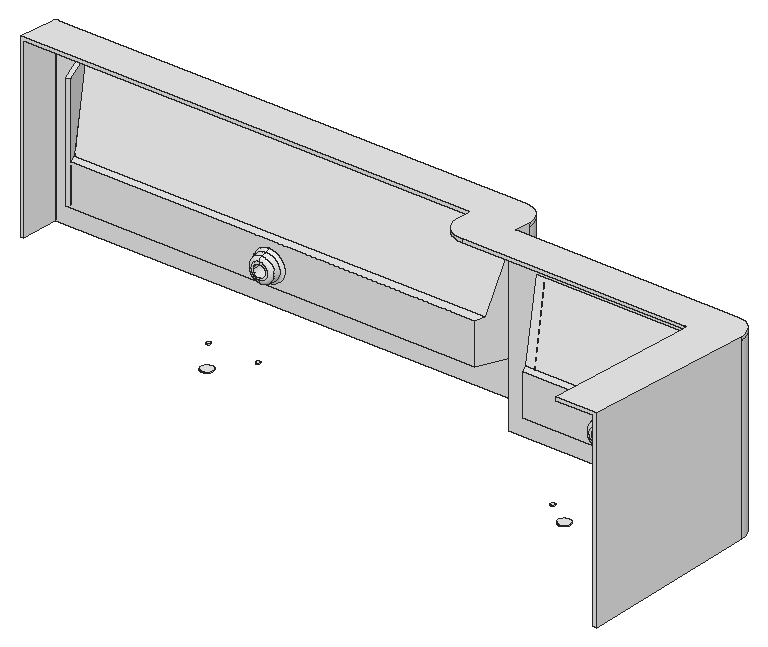
Revit family "Plumbing-Sink-Sloan-Valve-ELWF-83000", category Plumbing Fixtures, host Face, Revit 2019
Family settings
  Host = Face
  Round Connector Dimension = Use Diameter
  Part Type = Normal
  OmniClass Number = 23.45.05.14.14
  OmniClass Title = Sinks/Lavatories
  Cut with Voids When Loaded = No
  Shared = No
  Room Calculation Point = No
Parameters (values of type "ELWF-83000")
  Width = 90.00"  # constant formula
  Water Flow = 0.0 GPM
  Waste Connection = yes
  WFU = 2
  Vent Connection = no
  Valve Pressure Drop = 0.0 Pa
  URL = "www.sloanvalve.com"
  Sanitary Drain Connection Diameter = 1.50"
  Product data url = "https://bimobject.com/sloan_valve/product/sinks_sloanstone_elwf-83000"
  Product Material = Sloan - SloanStone - White (WH)
  Product Guid = ""
  Part Number = ""
  Model = "ELWF-83000"
  Manufacturer = "Sloan Valve"  # constant formula
  Keynote = "10000"
  Hot Water Connection Diameter = 0.50"
  Height = 29.69"  # constant formula
  HWFU = 1.5
  HW Connection = yes
  z_Elevation [instance] = 20.00"  # constant formula
  Edition number = 1
  Description = "SloanStone® 3-Station Wall-Mounted Waterfall Sink."
  Depth = 22.00"  # constant formula
  Default Elevation = 0.00"  # constant formula
  Cold Water Connection Diameter = 0.50"
  CWFU = 1.5
  CW Connection = yes
  Assembly Code = "D2010400"
  ADA Compliant = 1 = 1  # yes
Reference planes
  plane 1 "Center (Front/Back)": y = 0
  plane 2: z = 0
  plane 3 "Center (Left/Right)": x = 0
  plane 4: y = -355.6
  plane 5: y = -863.6
  plane 6: z = 53.975
  plane 7: x = 371.475
  plane 8: x = -390.128
  plane 9: z = 53.975
  plane 10: x = -1152.24
  plane 11: z = 53.975
  plane 12: x = -1530.495
  plane 13: x = 755.505
  plane 14: z = 598.536
Forms (mm)
  Extrusion 1, solid, not visible
    sketch origin (0, 0, 0) x (1, 0, 0) y (0, 1, 0)
      loop
        circle (-771.525, -355.6) r 19.05
      loop
        circle (-695.325, -254) r 6.35
      loop
        circle (-847.725, -254) r 6.35
      loop
        circle (371.475, -406.4) r 19.05
      loop
        circle (295.275, -355.6) r 6.35
      loop
        circle (447.675, -355.6) r 6.35
    from 0 to 12.947
Dimensions and locks
  plane 4 to plane 1 "Center (Front/Back)" = 14.00"
  "z_Elevation": plane 4 to plane 5
  aligned and locked: plane 2 to host face
  aligned and locked: level to host face
Automatic sketch dimensions
  host sketch curve to host sketch curve = 113.86376"
  host sketch curve to host sketch curve = 96.00"
  Extrusion 1 sketch curve to plane 4 = 0.00"  (x2)
  plane 4 to Extrusion 1 sketch curve = 4.00"
  Extrusion 1 sketch curve to Extrusion 1 sketch curve = 0.00"  (x3)
  Extrusion 1 sketch curve to plane 3 "Center (Left/Right)" = 30.375"
  Extrusion 1 sketch curve to plane 3 "Center (Left/Right)" = 33.375"
  Extrusion 1 sketch curve to plane 3 "Center (Left/Right)" = 27.375"
  Extrusion 1 sketch curve to plane 7 = 0.00"
  Extrusion 1 sketch curve to plane 4 = 2.00"
  Extrusion 1 sketch curve to Extrusion 1 sketch curve = 0.75"
  Extrusion 1 sketch curve to plane 7 = 3.00"
  Extrusion 1 sketch curve to Extrusion 1 sketch curve = 0.25"  (x2)
  plane 4 to Extrusion 1 sketch curve = 0.00"
  plane 7 to Extrusion 1 sketch curve = 3.00"
  radius of Extrusion 1 sketch curve = 0.75"
  radius of Extrusion 1 sketch curve = 0.25"  (x2)
Nested families
  nested 1: "Geometry" at (-9.525, -762, 282.579) x (1, 0, 0) z (0, 1, 0), type "Geometry"
Connectors
  piping at (-771.525, -355.6, 0), diameter 38.1, driven by "WFU", driven by "Sanitary Drain Connection Diameter"
    settings: on Extrusion 1, index 2, connector inside diameter 24.00", connector length 0.00", flow factor 0, pipe flow 0.0 GPM, pressure drop 0.0 Pa, fitting loss kfactor 0, connector angle 0.00°, fixture units 2, engagement length 0.00", angle of deflection 0.00°, flow configuration 3, flow direction 2, fitting loss method 0, system type 16, joint type 0, gender type 0, connector reference index -1, connector utility 0, adjustable connector no, is connector primary yes, connector description "Sanitary Drain Connection 1"
  piping at (-695.325, -254, 0), diameter 12.7, driven by "Cold Water Connection Diameter", driven by "Valve Pressure Drop"
    settings: on Extrusion 1, index 3, connector inside diameter 24.00", connector length 0.00", flow factor 0, pipe flow 0.0 GPM, pressure drop 0.0 Pa, fitting loss kfactor 0, connector angle 0.00°, fixture units 1.5, engagement length 0.00", angle of deflection 0.00°, flow configuration 3, flow direction 1, fitting loss method 0, system type 20, joint type 0, gender type 0, connector reference index -1, connector utility 0, adjustable connector no, is connector primary no, connector description "Cold Water Connection 1"
  piping at (-847.725, -254, 0), diameter 12.7, driven by "Valve Pressure Drop", driven by "Hot Water Connection Diameter"
    settings: on Extrusion 1, index 4, connector inside diameter 24.00", connector length 0.00", flow factor 0, pipe flow 0.0 GPM, pressure drop 0.0 Pa, fitting loss kfactor 0, connector angle 0.00°, fixture units 1.5, engagement length 0.00", angle of deflection 0.00°, flow configuration 3, flow direction 1, fitting loss method 0, system type 19, joint type 0, gender type 0, connector reference index -1, connector utility 0, adjustable connector no, is connector primary no, connector description "Hot Water Connection 1"
  piping at (295.275, -355.6, 0), diameter 12.7, driven by "Hot Water Connection Diameter", driven by "Valve Pressure Drop"
    settings: on Extrusion 1, index 5, connector inside diameter 24.00", connector length 0.00", flow factor 0, pipe flow 0.0 GPM, pressure drop 0.0 Pa, fitting loss kfactor 0, connector angle 0.00°, fixture units 1.5, engagement length 0.00", angle of deflection 0.00°, flow configuration 3, flow direction 1, fitting loss method 0, system type 19, joint type 0, gender type 0, connector reference index -1, connector utility 0, adjustable connector no, is connector primary no, connector description "Hot Water Connection 2"
  piping at (447.675, -355.6, 0), diameter 12.7, driven by "Cold Water Connection Diameter", driven by "Valve Pressure Drop"
    settings: on Extrusion 1, index 6, connector inside diameter 24.00", connector length 0.00", flow factor 0, pipe flow 0.0 GPM, pressure drop 0.0 Pa, fitting loss kfactor 0, connector angle 0.00°, fixture units 1.5, engagement length 0.00", angle of deflection 0.00°, flow configuration 3, flow direction 1, fitting loss method 0, system type 20, joint type 0, gender type 0, connector reference index -1, connector utility 0, adjustable connector no, is connector primary no, connector description "Cold Water Connection 2"
  piping at (371.475, -406.4, 0), diameter 38.1, driven by "Sanitary Drain Connection Diameter", driven by "WFU"
    settings: on Extrusion 1, index 7, connector inside diameter 24.00", connector length 0.00", flow factor 0, pipe flow 0.0 GPM, pressure drop 0.0 Pa, fitting loss kfactor 0, connector angle 0.00°, fixture units 2, engagement length 0.00", angle of deflection 0.00°, flow configuration 3, flow direction 2, fitting loss method 0, system type 16, joint type 0, gender type 0, connector reference index -1, connector utility 0, adjustable connector no, is connector primary no, connector description "Sanitary Drain Connection 2"
Definition of nested family "Geometry"
  Parameters (values of type "Geometry")
    URL = ""
    Model = ""
    Manufacturer = ""
    Product Material = none
    Description = ""
    Default Elevation = 0.00"
    Assembly Code = ""
  Reference planes
    plane 1 "Center (Front/Back)": y = 3.179
    plane 2: z = 0
    plane 3 "Center (Left/Right)": x = 0
    plane 4: x = 765.03
    plane 5: y = -276.221
    plane 6: y = 282.579
    plane 7: y = -315.957
    plane 8: x = 638.03
    plane 9: z = 635
    plane 10: x = -1520.97
    plane 11: x = -98.425
    plane 12: x = -1419.37
    plane 13: x = 101.6
    plane 14: x = 660.4
    plane 15: y = 228.604
    plane 16: x = -762
    plane 17: x = 381
    plane 18: y = 101.388
    plane 19: x = -380.603
    plane 20: x = -1142.715
    plane 21: x = -1904.593
    plane 22: x = -1663.415
    plane 23: x = 330.2
    plane 24: x = 431.8
    plane 25: x = -329.803
    plane 26: x = -431.403
    plane 27: x = -1193.515
    plane 28: x = -1091.915
    plane 29: x = -1853.793
    plane 30: x = -1955.393
    plane 31: z = 381
    plane 32: z = 330.2
    plane 33: z = 762
    plane 34: x = -73.025
    plane 35: x = -1444.77
    plane 36: y = 281.785
    plane 37: z = -101.6
  Forms (mm)
    Sweep 1, solid, material <- "Product Material"
      path origin (0, 3.179, 0) x (1, 0, 0) y (0, 0, 1)
        loop
          line (765.03, 0) -> (765.03, 558.8)
          arc (765.03, 558.8) -> (742.711, 612.682) -> (688.83, 635) r 76.2
          line (688.83, 635) -> (9.525, 635) -> (9.525, 685.8)
          arc (9.525, 685.8) -> (-12.793, 739.682) -> (-66.675, 762) r 76.2
          line (-66.675, 762) -> (-1501.461, 762)
      profile origin (765.03, 3.179, 279.4) x (-1, 0, 0) y (0, -1, 0)
        loop
          line (12.7, -279.4) -> (12.7, 314.239) -> (0, 314.239) -> (0, -279.4) -> (12.7, -279.4)
    Extrusion 2, solid, material <- "Product Material"
      sketch origin (0, 3.179, 0) x (1, 0, 0) y (0, 0, 1)
        loop
          line (-66.675, 762) -> (-1503.069, 762)
          arc (-1503.069, 762) -> (-1511.074, 758.81) -> (-1514.691, 750.99) r 11.639
          line (-1514.691, 750.99) -> (-1520.875, 635) -> (-139.014, 635)
          arc (-139.014, 635) -> (-134.524, 633.14) -> (-132.664, 628.65) r 6.35
          line (-132.664, 628.65) -> (-132.664, 584.012)
          arc (-132.664, 584.012) -> (-109.663, 531.391) -> (-56.465, 509.758) r 76.225
          line (-56.465, 509.758) -> (625.33, 509.758)
          arc (625.33, 509.758) -> (634.31, 506.038) -> (638.03, 497.058) r 12.7
          line (638.03, 497.058) -> (638.03, 0) -> (765.03, 0) -> (765.03, 558.8)
          arc (765.03, 558.8) -> (742.711, 612.682) -> (688.83, 635) r 76.2
          line (688.83, 635) -> (9.525, 635) -> (9.525, 685.8)
          arc (9.525, 685.8) -> (-12.793, 739.682) -> (-66.675, 762) r 76.2
      from 262.762 to 315.957
    Extrusion 3, void
      sketch origin (0, 0, 0) x (0, 1, 0) y (0, 0, 1)
        loop
          line (-264.243, 763.768) -> (-320.679, 763.768) -> (-320.679, 0) -> (-310.628, 0) -> (-264.243, 763.768)
      from -1520.97 to 765.03
    Extrusion 4, void
      sketch origin (0, -584.631, 763.768) x (0, -1, 0) y (0, 0, -1)
        loop
          line (-284.022, 763.768) -> (-340.16, 763.768) -> (-340.16, 12.7) -> (-329.742, 12.7) -> (-284.022, 763.768)
      from -1520.97 to 765.03
    Extrusion 5, solid, material <- "Product Material"
      sketch origin (-258.467, 3.179, 0) x (1, 0, 0) y (0, 0, 1)
        loop
          line (-1256.224, 750.99) -> (-1262.407, 635) -> (-1252.933, 635) -> (-1246.922, 747.802)
          arc (-1246.922, 747.802) -> (-1246.43, 748.866) -> (-1245.34, 749.3) r 1.584
          line (-1245.34, 749.3) -> (-1242.994, 749.3) -> (-1242.994, 762) -> (-1244.602, 762)
          arc (-1244.602, 762) -> (-1252.607, 758.81) -> (-1256.224, 750.99) r 11.639
      from -279.4 to 283.47
    Extrusion 6, solid, material <- "Product Material"
      sketch origin (7.938, 0, 0) x (0, 1, 0) y (0, 0, 1)
        loop
          line (163.483, 761.997) -> (157.113, 761.997) -> (151.446, 651.967) -> (47.395, 651.967) -> (37.095, 677.948) -> (-198.219, 762) -> (-216.886, 762) -> (29.878, 674.421) -> (29.878, 645.617) -> (157.476, 645.617) -> (163.483, 761.997)
      from -1427.308 to -106.363
    Extrusion 7, void
      sketch origin (0, 3.179, 0) x (1, 0, 0) y (0, 0, 1)
        loop
          line (-100.214, 751.068) -> (-140.488, 645.617) -> (-98.425, 645.617) -> (-98.425, 751.068) -> (-100.214, 751.068)
      from -279.4 to 319.136
    Extrusion 8, void
      sketch origin (0, 0, 0) x (0, 1, 0) y (0, 0, 1)
        loop
          line (157.113, 762) -> (-198.219, 762) -> (-162.664, 749.3) -> (156.459, 749.3) -> (157.113, 762)
      from -1419.37 to -98.425
    Extrusion 9, void
      sketch origin (773.272, -0.666, -126.997) x (0, 1, 0) y (0, 0, 1)
        loop
          line (157.778, 761.997) -> (-197.554, 761.997) -> (-161.998, 749.297) -> (157.124, 749.297) -> (157.778, 761.997)
      from -671.672 to -112.872
    Extrusion 10, void
      sketch origin (0, 0, 0) x (0, 1, 0) y (0, 0, 1)
        loop
          line (29.878, 674.421) -> (-186.084, 751.068) -> (-204.659, 751.068) -> (-204.659, 635) -> (29.878, 635) -> (29.878, 674.421)
      from -672.229 to -81.641
    Extrusion 11, void
      sketch origin (0, 0, 0) x (0, 1, 0) y (0, 0, 1)
        loop
          line (162.919, 751.068) -> (157.255, 641.347) -> (171.957, 641.347) -> (171.957, 751.068) -> (162.919, 751.068)
      from -1444.77 to -73.025
    Revolve 12, solid, material <- "Product Material"
      sketch origin (381, 389.297, 1219.2) x (0, 1, 0) y (0, 0, 1)
        loop
          line (-287.908, -734.834) -> (-287.908, -698.808) -> (-336.235, -698.808)
          arc (-336.235, -698.808) -> (-331.021, -702.444) -> (-328.331, -708.203) r 12.25
          line (-328.331, -708.203) -> (-325.302, -725.382)
          arc (-325.302, -725.382) -> (-321.39, -732.158) -> (-314.038, -734.834) r 11.438
          line (-314.038, -734.834) -> (-287.908, -734.834)
        axis (-287.908, -698.808) -> (-287.908, -734.834)
      angle from 0 to 360
    Extrusion 13, void
      sketch origin (0, 0, 0) x (1, 0, 0) y (0, 1, 0)
        loop
          circle (381, 101.388) r 19.05
      from 481.81 to 552.602
    Extrusion 14, void
      sketch origin (0, 0, 0) x (1, 0, 0) y (0, 1, 0)
        loop
          circle (-762, 101.388) r 19.05
      from 595.9 to 698.129
    Revolve 15, solid, material <- "Product Material"
      sketch origin (-762, 237.952, 1219.2) x (0, -1, 0) y (0, 0, 1)
        loop
          line (136.564, -609.608) -> (136.564, -573.583) -> (88.237, -573.583)
          arc (88.237, -573.583) -> (93.451, -577.218) -> (96.141, -582.977) r 12.25
          line (96.141, -582.977) -> (99.17, -600.156)
          arc (99.17, -600.156) -> (103.082, -606.932) -> (110.435, -609.608) r 11.438
          line (110.435, -609.608) -> (136.564, -609.608)
        axis (136.564, -573.583) -> (136.564, -609.608)
      angle from 0 to 360
    Extrusion 16, solid, material <- "Product Material"
      sketch origin (-763.759, 0, 0) x (-1, 0, 0) y (0, 0, -1)
        loop
          line (611.161, -645.617) -> (655.611, -761.997) -> (670.471, -761.997) -> (626.021, -645.617) -> (611.161, -645.617)
      from -163.483 to 198.219
    Extrusion 17, solid, material <- "Product Material"
      sketch origin (0.499, 0, 0) x (1, 0, 0) y (0, 0, 1)
        loop
          line (-82.14, 762) -> (-98.924, 762) -> (-143.374, 645.617) -> (-126.59, 645.617) -> (-82.14, 762)
      from -163.575 to 198.219
    Extrusion 18, void
      sketch origin (-755.65, 3.179, 0) x (-1, 0, 0) y (0, 0, -1)
        loop
          line (674.404, -751.068) -> (676.193, -751.068) -> (676.193, -645.617) -> (634.129, -645.617) -> (674.404, -751.068)
      from -231.461 to 197.759
    Extrusion 19, solid, material <- "Product Material"
      sketch origin (771.838, 0, -127) x (0, 1, 0) y (0, 0, 1)
        loop
          line (163.483, 761.997) -> (157.113, 761.997) -> (151.446, 651.967) -> (47.395, 651.967) -> (37.095, 677.948) -> (-198.219, 762) -> (-216.886, 762) -> (29.878, 674.421) -> (29.878, 645.617) -> (157.476, 645.617) -> (163.483, 761.997)
      from -665.308 to -106.363
    Extrusion 20, void
      sketch origin (763.901, 3.179, -127) x (1, 0, 0) y (0, 0, 1)
        loop
          line (-100.214, 751.068) -> (-140.488, 645.617) -> (-98.425, 645.617) -> (-98.425, 751.068) -> (-100.214, 751.068)
      from -279.4 to 319.136
    Extrusion 21, void
      sketch origin (763.901, 0, -127) x (0, 1, 0) y (0, 0, 1)
        loop
          line (29.878, 674.421) -> (-186.084, 751.068) -> (-198.219, 751.068) -> (-198.219, 635) -> (29.878, 635) -> (29.878, 674.421)
      from -686.945 to -73.025
    Extrusion 22, void
      sketch origin (763.901, 0, -127) x (0, 1, 0) y (0, 0, 1)
        loop
          line (162.919, 751.068) -> (157.255, 641.347) -> (171.957, 641.347) -> (171.957, 751.068) -> (162.919, 751.068)
      from -682.77 to -73.025
    Extrusion 23, void
      sketch origin (8.251, 3.179, -127) x (-1, 0, 0) y (0, 0, -1)
        loop
          line (-87.596, -751.068) -> (-85.807, -751.068) -> (-85.807, -645.617) -> (-127.871, -645.617) -> (-87.596, -751.068)
      from -231.461 to 197.759
    Extrusion 24, solid, material <- "Product Material"
      sketch origin (759.324, 0, -127) x (1, 0, 0) y (0, 0, 1)
        loop
          line (-82.14, 762) -> (-98.924, 762) -> (-143.374, 645.617) -> (-126.59, 645.617) -> (-82.14, 762)
      from -163.575 to 198.219
    Extrusion 25, solid, material <- "Product Material"
      sketch origin (2.662, 0, -127) x (-1, 0, 0) y (0, 0, -1)
        loop
          line (-74.294, -762) -> (-118.744, -645.617) -> (-143.752, -645.617) -> (-99.302, -762) -> (-74.294, -762)
      from -163.575 to 198.219
    Extrusion 26, solid, material <- "Product Material"
      sketch origin (760.921, 3.179, 0) x (1, 0, 0) y (0, 0, 1)
        loop
          circle (-1599.121, 508) r 6.35
        loop
          circle (-1446.721, 508) r 6.35
        loop
          circle (-1522.921, 406.4) r 19.05
      from -279.4 to -278.606
    Extrusion 27, solid, material <- "Product Material"
      sketch origin (1519.746, 3.179, 0) x (1, 0, 0) y (0, 0, 1)
        loop
          circle (-1214.946, 406.4) r 6.35
        loop
          circle (-1062.546, 406.4) r 6.35
        loop
          circle (-1138.746, 355.6) r 19.05
      from -279.4 to -278.606
  Cuts and joins
    Extrusion 3, Extrusion 8, Extrusion 9 cuts Sweep 1
    Extrusion 3, Extrusion 4, Extrusion 8, Extrusion 9 cuts Extrusion 2
    Extrusion 3, Extrusion 8, Extrusion 9 cuts Extrusion 5
    Extrusion 7, Extrusion 9, Extrusion 14, Extrusion 18 cuts Extrusion 6
    Extrusion 13 cuts Revolve 12
    Extrusion 8, Extrusion 9, Extrusion 14 cuts Revolve 15
    Extrusion 9, Extrusion 10, Extrusion 11 cuts Extrusion 16
    Extrusion 9, Extrusion 10, Extrusion 11 cuts Extrusion 17
    Extrusion 13, Extrusion 20, Extrusion 23 cuts Extrusion 19
    Extrusion 21, Extrusion 22 cuts Extrusion 24
    Extrusion 21, Extrusion 22 cuts Extrusion 25
    joined: Sweep 1, Extrusion 2, Extrusion 5, Extrusion 6, Revolve 12, Revolve 15, Extrusion 16, Extrusion 17, Extrusion 19, Extrusion 24, Extrusion 25
  Lines and regions (mm)
    Masking region 1
      outline origin (0, 0, 0) x (1, 0, 0) y (0, 1, 0)
        loop
          line (-1520.875, 282.579) -> (-1520.875, -272.064) -> (-138.931, -272.064)
          spline (-138.931, -272.064) -> (-138.11, -272.068) -> (-137.304, -272.078) -> (-136.526, -272.095) -> (-135.791, -272.117) -> (-135.11, -272.145) -> (-134.495, -272.178) -> (-133.956, -272.216) -> (-133.502, -272.258) -> (-133.14, -272.303) -> (-132.878, -272.35) -> (-132.718, -272.399) -> (-132.664, -272.449)
          line (-132.664, -272.449) -> (-132.664, -275.143)
          spline (-132.664, -275.143) -> (-131.835, -275.732) -> (-129.771, -276.311) -> (-126.504, -276.868) -> (-122.09, -277.396) -> (-116.6, -277.886) -> (-110.124, -278.328) -> (-102.769, -278.718) -> (-94.654, -279.046) -> (-85.912, -279.31) -> (-76.687, -279.504) -> (-67.129, -279.624) -> (-57.396, -279.67)
          line (-57.396, -279.67) -> (625.496, -279.67)
          spline (625.496, -279.67) -> (627.139, -279.678) -> (628.751, -279.698) -> (630.305, -279.732) -> (631.776, -279.777) -> (633.138, -279.833) -> (634.369, -279.899) -> (635.447, -279.975) -> (636.355, -280.058) -> (637.078, -280.148) -> (637.603, -280.243) -> (637.922, -280.341) -> (638.03, -280.44)
          line (638.03, -280.44) -> (638.03, -310.628) -> (765.03, -310.628) -> (765.03, 282.579) -> (-1520.875, 282.579)
    symbolic lines, detail levels fine
      curve 1: arc (-1130.015, 228.604, 0) -> (-1142.715, 215.904, 0) -> (-1155.415, 228.604, 0) r 12.7
      curve 2: arc (-1155.415, 228.604, 0) -> (-1142.715, 241.304, 0) -> (-1130.015, 228.604, 0) r 12.7
      curve 3: arc (-367.903, 228.604, 0) -> (-380.603, 215.904, 0) -> (-393.303, 228.604, 0) r 12.7
      curve 4: arc (-393.303, 228.604, 0) -> (-380.603, 241.304, 0) -> (-367.903, 228.604, 0) r 12.7
      curve 5: arc (393.7, 228.604, 0) -> (381, 215.904, 0) -> (368.3, 228.604, 0) r 12.7
      curve 6: arc (368.3, 228.604, 0) -> (381, 241.304, 0) -> (393.7, 228.604, 0) r 12.7
      curve 7: arc (400.05, 101.388, 0) -> (381, 82.338, 0) -> (361.95, 101.388, 0) r 19.05
      curve 8: arc (361.95, 101.388, 0) -> (381, 120.438, 0) -> (400.05, 101.388, 0) r 19.05
      curve 9: arc (-742.95, 101.388, 0) -> (-762, 82.338, 0) -> (-781.05, 101.388, 0) r 19.05
      curve 10: arc (-781.05, 101.388, 0) -> (-762, 120.438, 0) -> (-742.95, 101.388, 0) r 19.05
    symbolic lines, detail levels medium+fine
      curve 11: line (-1419.37, 157.113, 0) -> (-98.425, 157.113, 0)
      curve 12: line (-1419.37, -198.219, 0) -> (-1419.37, 157.113, 0)
      curve 13: line (-98.425, -198.219, 0) -> (-1419.37, -198.219, 0)
      curve 14: line (-98.425, 157.113, 0) -> (-98.425, -198.219, 0)
      curve 15: line (101.963, 157.113, 0) -> (660.4, 157.113, 0)
      curve 16: line (101.963, -198.219, 0) -> (101.963, 157.113, 0)
      curve 17: line (660.4, -198.219, 0) -> (101.963, -198.219, 0)
      curve 18: line (660.4, 157.113, 0) -> (660.4, -198.219, 0)
      curve 19: line (9.525, 282.579, 0) -> (9.525, -272.064, 0)
      curve 20: line (-1387.267, 37.095, 0) -> (-1419.37, -198.219, 0)
      curve 21: line (-1377.344, 47.395, 0) -> (-1387.267, 37.095, 0)
      curve 22: line (-1377.344, 151.446, 0) -> (-1377.344, 47.395, 0)
      curve 23: line (-140.45, 151.446, 0) -> (-1377.344, 151.446, 0)
      curve 24: line (-1419.37, 157.113, 0) -> (-1377.344, 151.446, 0)
      curve 25: line (-1377.344, 47.395, 0) -> (-140.45, 47.395, 0)
      curve 26: line (-1387.267, 37.095, 0) -> (-130.527, 37.095, 0)
      curve 27: line (-98.425, -198.219, 0) -> (-130.527, 37.095, 0)
      curve 28: line (-130.527, 37.095, 0) -> (-140.45, 47.395, 0)
      curve 29: line (-140.45, 47.395, 0) -> (-140.45, 151.446, 0)
      curve 30: line (-140.45, 151.446, 0) -> (-98.425, 157.113, 0)
      curve 31: line (101.963, -198.219, 0) -> (134.065, 37.095, 0)
      curve 32: line (628.298, 37.095, 0) -> (134.065, 37.095, 0)
      curve 33: line (143.988, 47.395, 0) -> (618.375, 47.395, 0)
      curve 34: line (143.988, 47.395, 0) -> (143.988, 151.446, 0)
      curve 35: line (134.065, 37.095, 0) -> (143.988, 47.395, 0)
      curve 36: line (143.988, 151.446, 0) -> (101.963, 157.113, 0)
      curve 37: line (143.988, 151.446, 0) -> (618.375, 151.446, 0)
      curve 38: line (618.375, 47.395, 0) -> (628.298, 37.095, 0)
      curve 39: line (660.4, -198.219, 0) -> (628.298, 37.095, 0)
      curve 40: line (618.375, 151.446, 0) -> (618.375, 47.395, 0)
      curve 41: line (618.375, 151.446, 0) -> (660.4, 157.113, 0)
      curve 42: line (9.525, -272.064, 0) -> (689.829, -272.064, 0)
      curve 43: spline (689.829, -272.064, 0) -> (699.692, -272.111, 0) -> (709.37, -272.235, 0) -> (718.702, -272.435, 0) -> (727.53, -272.705, 0) -> (735.705, -273.043, 0) -> (743.09, -273.442, 0) -> (749.561, -273.896, 0) -> (755.008, -274.397, 0) -> (759.341, -274.936, 0) -> (762.486, -275.504, 0) -> (764.391, -276.093, 0) -> (765.022, -276.691, 0)
      curve 44: spline (-65.676, -264.351, 0) -> (-55.813, -264.398, 0) -> (-46.135, -264.522, 0) -> (-36.803, -264.722, 0) -> (-27.975, -264.992, 0) -> (-19.8, -265.33, 0) -> (-12.415, -265.729, 0) -> (-5.944, -266.183, 0) -> (-0.496, -266.684, 0) -> (3.836, -267.223, 0) -> (6.981, -267.791, 0) -> (8.886, -268.38, 0) -> (9.517, -268.978, 0)
      curve 45: line (-1503.207, -264.351, 0) -> (-65.676, -264.351, 0)
      curve 46: spline (-1514.69, -265.019, 0) -> (-1514.522, -264.931, 0) -> (-1514.173, -264.846, 0) -> (-1513.65, -264.763, 0) -> (-1512.96, -264.685, 0) -> (-1512.115, -264.613, 0) -> (-1511.128, -264.548, 0) -> (-1510.013, -264.49, 0) -> (-1508.79, -264.442, 0) -> (-1507.477, -264.403, 0) -> (-1506.094, -264.375, 0) -> (-1504.663, -264.357, 0) -> (-1503.207, -264.351, 0)
      curve 47: line (-1514.69, -265.019, 0) -> (-1514.69, 282.488, 0)
      curve 48: line (-1520.875, -272.064, 0) -> (-1514.691, -265.019, 0)
  Dimensions and locks
    plane 6 to plane 5 = 22.00"
    equal spacing: plane 6, plane 1 "Center (Front/Back)", plane 5
    plane 3 "Center (Left/Right)" to plane 8 to plane 4 = 25.11928" locked, 5.00" locked
    plane 11 to plane 3 "Center (Left/Right)" = 3.875"
    locked: plane 10 to plane 12 at 101.6
    plane 3 "Center (Left/Right)" to plane 13 to plane 14 to plane 4 = 4.00", 22.00" locked, 4.11928" locked
    plane 10 to plane 3 "Center (Left/Right)" = 59.88072"
    plane 6 to plane 7 = 23.56441"
    locked: plane 6 to plane 5 at 558.8
    plane 10 to plane 4 = 90.00"
    plane 13 to plane 17 to plane 14 = 11.00", 11.00"
    plane 12 to plane 19 to plane 11 = 40.89634", 11.10938"
    plane 9 to level = 25.00"
    equal spacing: plane 23, plane 17, plane 24
    locked: plane 23 to plane 17 at 50.8
    equal spacing: plane 26, plane 19, plane 25
    locked: plane 26 to plane 19 at 50.8
    equal spacing: plane 27, plane 20, plane 28
    locked: plane 27 to plane 20 at 50.8
    equal spacing: plane 30, plane 21, plane 29
    locked: plane 30 to plane 21 at 50.8
    plane 32 to level = 13.00"
    locked: plane 31 to level at 381
    locked: plane 33 to level at 762
    plane 12 to plane 11 = 52.00572"
    locked: plane 6 to plane 15 at 53.975
    locked: Sweep 1 sketch curve to Sweep 1 sketch curve at 593.639
    locked: plane 11 to plane 34 at 25.4
    locked: plane 35 to plane 12 at 25.4
    locked: plane 6 to plane 36 at 0.794
    plane 16 to plane 17 = 45.00"
    plane 20 to plane 19 = 30.00439"
    plane 20 to plane 17 = 59.98876"
    plane 20 to plane 16 = 14.98876"
    plane 22 to plane 20 = 20.50"
    plane 21 to plane 20 = 29.99523"
    aligned and locked: Extrusion 2 sketch curve to plane 4
    aligned and locked: plane 4 to Extrusion 3
    aligned and locked: Extrusion 3 to plane 10
    aligned and locked: Extrusion 4 to Extrusion 3
    aligned and locked: Extrusion 6 to plane 11
    aligned and locked: Extrusion 7 sketch curve to Extrusion 6  (x2)
    aligned and locked: plane 7 to Extrusion 7
    aligned and locked: plane 6 to Extrusion 7
    aligned and locked: Extrusion 6 to Extrusion 8  (x2)
    aligned and locked: Extrusion 7 to Extrusion 6
    aligned and locked: plane 33 to Extrusion 2 sketch curve
    aligned and locked: Extrusion 2 to Extrusion 5 sketch curve
    aligned and locked: plane 9 to Sweep 1 sketch curve
    aligned and locked: plane 12 to Extrusion 6
    aligned and locked: Extrusion 10 to Extrusion 17
    aligned and locked: Extrusion 11 to plane 34
    aligned and locked: plane 35 to Extrusion 11
    aligned and locked: plane 6 to Sweep 1 sketch curve
    aligned and locked: plane 6 to Extrusion 5
    aligned and locked: Extrusion 20 sketch curve to Extrusion 19  (x2)
    aligned and locked: Extrusion 20 to Extrusion 19
    aligned and locked: plane 14 to Extrusion 9
    aligned and locked: Extrusion 9 to plane 13
    aligned and locked: Extrusion 22 to Extrusion 21
    aligned and locked: Extrusion 24 to Extrusion 9
    aligned and locked: plane 17 to Extrusion 27 sketch curve
    aligned and locked: Extrusion 26 to plane 36
    aligned and locked: plane 6 to Extrusion 26
    aligned and locked: Extrusion 27 to plane 36
    aligned and locked: plane 6 to Extrusion 27
    aligned and locked: curve 11 to cut or joined group 1 (Sweep 1, Extrusion 2, Extrusion 3, Extrusion 4, Extrusion 5, Extrusion 6, Extrusion 7, Extrusion 8, Extrusion 9, Extrusion 10, Extrusion 11, Revolve 12, Extrusion 13, Extrusion 14, Revolve 15, Extrusion 16, Extrusion 17, Extrusion 18, Extrusion 19, Extrusion 20, Extrusion 21, Extrusion 22, Extrusion 23, Extrusion 24, Extrusion 25)
    aligned and locked: curve 12 to cut or joined group 1
    aligned and locked: curve 13 to cut or joined group 1
    aligned and locked: curve 14 to cut or joined group 1
    aligned and locked: curve 15 to cut or joined group 1
    aligned and locked: curve 16 to cut or joined group 1
    aligned and locked: curve 17 to cut or joined group 1
    aligned and locked: curve 18 to cut or joined group 1
    aligned and locked: curve 20 to cut or joined group 1
    aligned and locked: curve 21 to cut or joined group 1
    aligned and locked: curve 22 to cut or joined group 1
    aligned and locked: curve 23 to cut or joined group 1
    aligned and locked: curve 24 to cut or joined group 1
    aligned and locked: curve 25 to cut or joined group 1
    aligned and locked: curve 26 to cut or joined group 1
    aligned and locked: curve 27 to cut or joined group 1
    aligned and locked: curve 28 to cut or joined group 1
    aligned and locked: curve 29 to cut or joined group 1
    aligned and locked: curve 30 to cut or joined group 1
    aligned and locked: curve 31 to cut or joined group 1
    aligned and locked: curve 32 to cut or joined group 1
    aligned and locked: curve 33 to cut or joined group 1
    aligned and locked: curve 34 to cut or joined group 1
    aligned and locked: curve 35 to cut or joined group 1
    aligned and locked: curve 36 to cut or joined group 1
    aligned and locked: curve 37 to cut or joined group 1
    aligned and locked: curve 38 to cut or joined group 1
    aligned and locked: curve 39 to cut or joined group 1
    aligned and locked: curve 40 to cut or joined group 1
    aligned and locked: curve 41 to cut or joined group 1
    aligned and locked: curve 42 to cut or joined group 1
    aligned and locked: curve 45 to cut or joined group 1
    aligned and locked: Masking region 1 sketch curve to cut or joined group 1  (x6)
    aligned and locked: cut or joined group 1 to Masking region 1 sketch curve  (x2)
    aligned and locked: curve 48 to cut or joined group 1
  Automatic sketch dimensions
    Sweep 1 sketch curve to plane 33 = 0.00"
    Sweep 1 sketch curve to plane 4 = 0.00"
    Sweep 1 sketch curve to level = 0.00"
    plane 14 to Sweep 1 sketch curve = 1.11928"
    plane 3 "Center (Left/Right)" to Sweep 1 sketch curve = 0.375"
    Sweep 1 sketch curve to plane 34 = 0.25"
    plane 10 to Sweep 1 sketch curve = 0.76808"
    Sweep 1 sketch curve to profile plane = 0.00"
    Sweep 1 sketch curve to profile plane = 0.50"
    Extrusion 2 sketch curve to plane 9 = 0.00"  (x2)
    plane 8 to Extrusion 2 sketch curve = 0.00"
    Extrusion 2 sketch curve to level = 0.00"
    Extrusion 2 sketch curve to Extrusion 2 sketch curve = 0.50"
    plane 3 "Center (Left/Right)" to Extrusion 2 sketch curve = 0.375"
    Extrusion 2 sketch curve to plane 34 = 0.65199"
    Extrusion 2 sketch curve to plane 34 = 0.25"
    plane 11 to Extrusion 2 sketch curve = 1.34801"
    Extrusion 2 sketch curve to plane 9 = 0.25"
    Extrusion 2 sketch curve to plane 33 = 0.45824"
    plane 10 to Extrusion 2 sketch curve = 0.70477"
    plane 10 to Extrusion 2 sketch curve = 0.24721"
    plane 10 to Extrusion 2 sketch curve = 0.00377"
    plane 14 to Extrusion 2 sketch curve = 1.11928"
    Extrusion 2 sketch curve to Extrusion 2 sketch curve = 2.4308"
    Extrusion 2 sketch curve to Extrusion 2 sketch curve = 1.75738"
    Extrusion 3 sketch curve to level = 0.00"
    plane 7 to Extrusion 3 sketch curve = 0.18589"
    Extrusion 3 sketch curve to plane 7 = 0.20981"
    plane 33 to Extrusion 3 sketch curve = 0.06962"
    plane 5 to Extrusion 3 sketch curve = 0.47157"
    Extrusion 4 sketch curve to level = 0.00"
    Extrusion 4 sketch curve to plane 33 = 0.43038"
    plane 5 to Extrusion 4 sketch curve = 1.25"
    Extrusion 4 sketch curve to Extrusion 4 sketch curve = 0.41016"
    Extrusion 4 sketch curve to plane 7 = 0.60428"
    Extrusion 5 sketch curve to plane 9 = 0.00"
    plane 10 to Extrusion 5 sketch curve = 0.00377"
    plane 10 to Extrusion 5 sketch curve = 0.24721"
    Extrusion 5 sketch curve to Extrusion 5 sketch curve = 0.37301"
    Extrusion 5 sketch curve to Extrusion 5 sketch curve = 0.36621"
    Extrusion 5 sketch curve to Extrusion 5 sketch curve = 0.06227"
    Extrusion 5 sketch curve to Extrusion 5 sketch curve = 0.02908"
    Extrusion 5 sketch curve to Extrusion 5 sketch curve = 0.06331"
    Extrusion 5 sketch curve to plane 33 = 0.56237"
    Extrusion 5 sketch curve to Extrusion 5 sketch curve = 0.00337"
    Extrusion 5 sketch curve to Extrusion 5 sketch curve = 0.04176"
    Extrusion 6 sketch curve to plane 33 = 0.00"
    plane 5 to Extrusion 6 sketch curve = 2.33605"
    Extrusion 6 sketch curve to Extrusion 6 sketch curve = 0.7349"
    Extrusion 6 sketch curve to plane 1 "Center (Front/Back)" = 1.05116"
    Extrusion 6 sketch curve to Extrusion 6 sketch curve = 0.28411"
    Extrusion 6 sketch curve to Extrusion 6 sketch curve = 0.68965"
    plane 9 to Extrusion 6 sketch curve = 0.66801"
    plane 18 to Extrusion 6 sketch curve = 1.97078"
    Extrusion 6 sketch curve to plane 33 = 0.00013"
    plane 18 to Extrusion 6 sketch curve = 2.19387"
    plane 9 to Extrusion 6 sketch curve = 0.41801"
    Extrusion 6 sketch curve to Extrusion 6 sketch curve = 0.23738"
    Extrusion 6 sketch curve to Extrusion 6 sketch curve = 0.25082"
    Extrusion 6 sketch curve to Extrusion 6 sketch curve = 0.88399"
    Extrusion 6 sketch curve to Extrusion 6 sketch curve = 0.13886"
    plane 11 to Extrusion 7 sketch curve = 0.07042"
    plane 11 to Extrusion 7 sketch curve = 1.65604"
    Extrusion 7 sketch curve to plane 33 = 0.43038"
    Extrusion 8 sketch curve to plane 33 = 0.00"
    plane 5 to Extrusion 8 sketch curve = 3.07095"
    Extrusion 8 sketch curve to plane 33 = 0.50"
    Extrusion 8 sketch curve to Extrusion 8 sketch curve = 1.39981"
    plane 18 to Extrusion 8 sketch curve = 2.16813"
    Extrusion 8 sketch curve to Extrusion 8 sketch curve = 0.02575"
    Extrusion 9 sketch curve to plane 9 = 0.00"
    plane 5 to Extrusion 9 sketch curve = 3.07095"
    Extrusion 9 sketch curve to plane 9 = 0.50"
    Extrusion 9 sketch curve to Extrusion 9 sketch curve = 1.39981"
    plane 18 to Extrusion 9 sketch curve = 2.16813"
    Extrusion 9 sketch curve to Extrusion 9 sketch curve = 0.02575"
    Extrusion 10 sketch curve to plane 9 = 0.00"
    Extrusion 10 sketch curve to plane 33 = 0.43038"
    plane 5 to Extrusion 10 sketch curve = 2.8174"
    Extrusion 10 sketch curve to Extrusion 10 sketch curve = 0.7313"
    Extrusion 10 sketch curve to plane 1 "Center (Front/Back)" = 1.05116"
    plane 9 to Extrusion 10 sketch curve = 1.552"
    plane 9 to Extrusion 11 sketch curve = 0.24987"
    plane 18 to Extrusion 11 sketch curve = 2.19948"
    Extrusion 11 sketch curve to plane 33 = 0.43038"
    plane 18 to Extrusion 11 sketch curve = 2.42248"
    Extrusion 11 sketch curve to Extrusion 11 sketch curve = 0.57882"
    Revolve 12 sketch curve to plane 18 = 0.00"  (x2)
    Revolve 12 sketch curve to plane 18 = 1.02871"
    Revolve 12 sketch curve to Revolve 12 sketch curve = 0.44347"
    Revolve 12 sketch curve to Revolve 12 sketch curve = 0.11926"
    Revolve 12 sketch curve to Revolve 12 sketch curve = 0.3112"
    Revolve 12 sketch curve to Revolve 12 sketch curve = 0.16375"
    plane 31 to Revolve 12 sketch curve = 4.06955"
    Revolve 12 sketch curve to Revolve 12 sketch curve = 0.37212"
    Revolve 12 sketch curve to Revolve 12 sketch curve = 0.59259"
    Revolve 12 sketch curve to Revolve 12 sketch curve = 0.08375"
    Revolve 12 sketch curve to Revolve 12 sketch curve = 0.25"
    Revolve 12 sketch curve to Revolve 12 sketch curve = 0.15231"
    Extrusion 13 sketch curve to plane 17 = 0.00"
    Extrusion 13 sketch curve to plane 18 = 0.00"
    Extrusion 14 sketch curve to plane 16 = 0.00"
    Extrusion 14 sketch curve to plane 18 = 0.00"
    Revolve 15 sketch curve to plane 18 = 0.00"  (x2)
    plane 18 to Revolve 15 sketch curve = 1.02871"
    Revolve 15 sketch curve to plane 9 = 0.6282"
    Revolve 15 sketch curve to Revolve 15 sketch curve = 0.44347"
    plane 9 to Revolve 15 sketch curve = 0.04813"
    Revolve 15 sketch curve to Revolve 15 sketch curve = 0.11926"
    Revolve 15 sketch curve to Revolve 15 sketch curve = 0.3112"
    Revolve 15 sketch curve to plane 9 = 0.03562"
    Revolve 15 sketch curve to Revolve 15 sketch curve = 0.16375"
    Revolve 15 sketch curve to plane 9 = 1.00032"
    Revolve 15 sketch curve to Revolve 15 sketch curve = 0.25"
    Revolve 15 sketch curve to Revolve 15 sketch curve = 0.15231"
    Extrusion 16 sketch curve to plane 9 = 0.41801"
    plane 12 to Extrusion 16 sketch curve = 1.75005"
    Extrusion 16 sketch curve to Extrusion 16 sketch curve = 0.58504"
    plane 12 to Extrusion 16 sketch curve = 0.00005"
    plane 33 to Extrusion 16 sketch curve = 0.00013"
    plane 35 to Extrusion 16 sketch curve = 0.41501"
    plane 11 to Extrusion 17 sketch curve = 0.00"
    Extrusion 17 sketch curve to plane 33 = 0.00"
    plane 9 to Extrusion 17 sketch curve = 0.41801"
    plane 11 to Extrusion 17 sketch curve = 1.08923"
    Extrusion 17 sketch curve to Extrusion 17 sketch curve = 0.66077"
    plane 34 to Extrusion 17 sketch curve = 0.33923"
    Extrusion 18 sketch curve to plane 9 = 0.41801"
    plane 12 to Extrusion 18 sketch curve = 1.165"
    Extrusion 18 sketch curve to plane 12 = 0.42062"
    Extrusion 18 sketch curve to plane 12 = 0.49104"
    plane 33 to Extrusion 18 sketch curve = 0.43038"
    Extrusion 19 sketch curve to plane 9 = 0.00"
    plane 5 to Extrusion 19 sketch curve = 2.33605"
    Extrusion 19 sketch curve to Extrusion 19 sketch curve = 0.7349"
    Extrusion 19 sketch curve to plane 1 "Center (Front/Back)" = 1.05116"
    Extrusion 19 sketch curve to Extrusion 19 sketch curve = 0.28411"
    Extrusion 19 sketch curve to Extrusion 19 sketch curve = 0.68965"
    plane 18 to Extrusion 19 sketch curve = 1.97078"
    Extrusion 19 sketch curve to plane 9 = 0.00013"
    plane 18 to Extrusion 19 sketch curve = 2.19387"
    Extrusion 19 sketch curve to Extrusion 19 sketch curve = 0.23738"
    Extrusion 19 sketch curve to Extrusion 19 sketch curve = 0.25082"
    Extrusion 19 sketch curve to plane 9 = 3.30913"
    Extrusion 19 sketch curve to Extrusion 19 sketch curve = 0.13886"
    Extrusion 19 sketch curve to plane 9 = 4.33199"
    Extrusion 19 sketch curve to Extrusion 19 sketch curve = 0.25"
    Extrusion 20 sketch curve to Extrusion 20 sketch curve = 0.07042"
    plane 8 to Extrusion 20 sketch curve = 0.57549"
    Extrusion 20 sketch curve to plane 9 = 0.43038"
    Extrusion 21 sketch curve to plane 9 = 0.43038"
    plane 5 to Extrusion 21 sketch curve = 3.07095"
    Extrusion 21 sketch curve to Extrusion 21 sketch curve = 0.47775"
    Extrusion 21 sketch curve to plane 1 "Center (Front/Back)" = 1.05116"
    Extrusion 21 sketch curve to plane 9 = 3.448"
    Extrusion 21 sketch curve to Extrusion 21 sketch curve = 4.56962"
    plane 18 to Extrusion 22 sketch curve = 2.19948"
    Extrusion 22 sketch curve to plane 9 = 0.43038"
    plane 18 to Extrusion 22 sketch curve = 2.42248"
    Extrusion 22 sketch curve to Extrusion 22 sketch curve = 0.57882"
    Extrusion 22 sketch curve to Extrusion 22 sketch curve = 4.31974"
    Extrusion 23 sketch curve to plane 13 = 1.35911"
    plane 13 to Extrusion 23 sketch curve = 0.22651"
    plane 13 to Extrusion 23 sketch curve = 0.29693"
    plane 9 to Extrusion 23 sketch curve = 4.58199"
    plane 9 to Extrusion 23 sketch curve = 0.43038"
    Extrusion 24 sketch curve to plane 9 = 0.00"
    Extrusion 24 sketch curve to plane 14 = 0.00"
    plane 8 to Extrusion 24 sketch curve = 0.20851"
    Extrusion 24 sketch curve to Extrusion 24 sketch curve = 0.66077"
    plane 14 to Extrusion 24 sketch curve = 0.66077"
    Extrusion 24 sketch curve to plane 9 = 4.58199"
    Extrusion 25 sketch curve to plane 9 = 0.00"
    plane 13 to Extrusion 25 sketch curve = 1.76431"
    plane 13 to Extrusion 25 sketch curve = 0.77974"
    plane 13 to Extrusion 25 sketch curve = 0.01431"
    Extrusion 25 sketch curve to plane 13 = 0.97026"
    Extrusion 25 sketch curve to plane 9 = 4.58199"
    plane 31 to Extrusion 27 sketch curve = 1.00"  (x2)
    curve 1 to plane 15 = 0.00"
    curve 2 to plane 20 = 0.00"
    curve 9 to plane 18 = 0.00"
    curve 10 to plane 16 = 0.00"
    curve 3 to plane 15 = 0.00"
    curve 3 to plane 19 = 0.00"
    curve 19 to plane 6 = 0.00"
    curve 8 to plane 18 = 0.00"
    curve 6 to plane 15 = 0.00"
    curve 7 to plane 17 = 0.00"
    curve 6 to plane 17 = 0.00"
    plane 10 to curve 45 = 0.69933"
    plane 10 to curve 47 = 0.24725"
    curve 45 to plane 34 = 0.28934"
    plane 3 "Center (Left/Right)" to curve 19 = 0.375"
    plane 14 to curve 42 = 1.15862"
    plane 5 to curve 47 = 0.44102"
    curve 46 to curve 46 = 0.00588"
    curve 46 to curve 46 = 0.00064"
    curve 1 to plane 20 = 0.50"
    curve 9 to curve 9 = 0.75"
    plane 19 to curve 3 = 0.50"
    curve 44 to curve 44 = 0.0424"
    curve 44 to curve 19 = 0.0003"
    curve 44 to curve 44 = 0.00"
    curve 8 to plane 17 = 0.75"
    curve 6 to plane 17 = 0.50"
    curve 43 to plane 5 = 0.01832"
    curve 43 to curve 42 = 0.0424"
    curve 43 to plane 4 = 0.0003"
    curve 43 to curve 43 = 0.00"
    curve 19 to curve 44 = 0.12146"
    curve 47 to plane 6 = 0.00357"
    plane 11 to Masking region 1 sketch curve = 1.59473"
    Masking region 1 sketch curve to Masking region 1 sketch curve = 0.00353"
    Masking region 1 sketch curve to Masking region 1 sketch curve = 0.25023"
    plane 5 to Masking region 1 sketch curve = 0.14852"
    plane 5 to Masking region 1 sketch curve = 0.04247"
    Masking region 1 sketch curve to Masking region 1 sketch curve = 0.00"
    Masking region 1 sketch curve to Masking region 1 sketch curve = 0.00066"
    Masking region 1 sketch curve to plane 34 = 0.61531"
    Masking region 1 sketch curve to Masking region 1 sketch curve = 0.03961"
    Masking region 1 sketch curve to Masking region 1 sketch curve = 0.00707"
    plane 8 to Masking region 1 sketch curve = 0.00005"
    Masking region 1 sketch curve to Masking region 1 sketch curve = 0.03033"
    Masking region 1 sketch curve to plane 5 = 0.1661"
    plane 8 to Masking region 1 sketch curve = 0.49344"
    plane 10 to curve 48 = 0.00377"
    curve 48 to curve 46 = 0.00004"
    Extrusion 27 sketch curve to plane 31 = 1.00"
    plane 31 to Extrusion 26 sketch curve = 1.00"
    Extrusion 26 sketch curve to Extrusion 26 sketch curve = 4.00"  (x2)
    plane 26 to Extrusion 26 sketch curve = 16.01562"
    plane 25 to Extrusion 26 sketch curve = 14.01562"
    Extrusion 27 sketch curve to plane 23 = 1.00"
    plane 24 to Extrusion 27 sketch curve = 1.00"
    plane 16 to Extrusion 26 sketch curve = 0.00"
    radius of Extrusion 13 sketch curve = 0.75"
    radius of Extrusion 14 sketch curve = 0.75"
    radius of Extrusion 26 sketch curve = 0.25"  (x2)
    radius of Extrusion 26 sketch curve = 0.75"
    radius of Extrusion 27 sketch curve = 0.25"  (x2)
    radius of Extrusion 27 sketch curve = 0.75"
